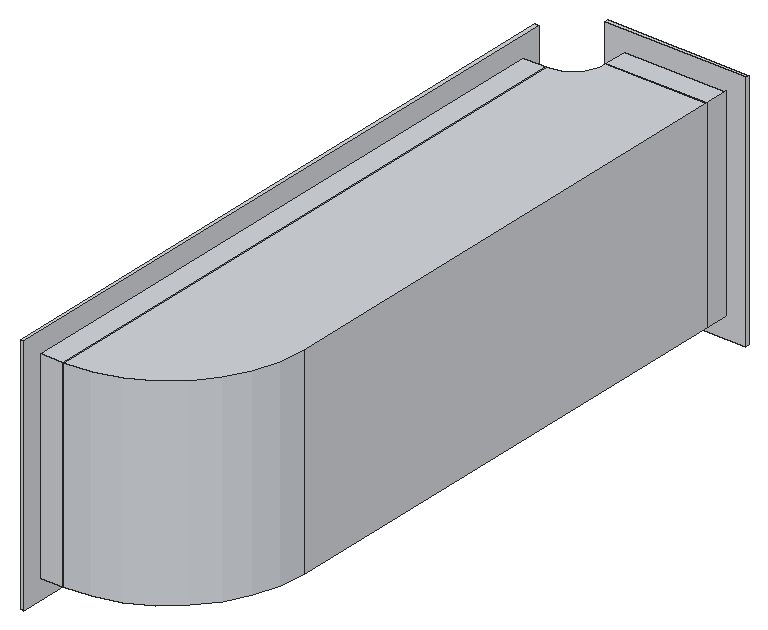
Revit family "RE Bogen asymmetrisch BA - Flansch", category Luftkanalformteile, Revit 2014
Parameters (values of type "Allgemein")
  r4 [instance] = r3 + Länge 17  # 300 mm
  r3 [instance] = if(b > d, if(Abschätzung 1 < 0 mm, r2 + 15 mm, r2), if(not(Abschätzung 2 < 0 mm), r2, r1 + d))  # 200 mm
  Profilversatz [instance] = (Höhe / 2) - Flanschverlängerung  # 120 mm
  Alpha 4 [instance] = if(Abschätzung 1 > 0 mm, alpha, acos(Länge 18 / Länge 16))  # 90.00°
  Alpha 3 [instance] = if(not(Abschätzung 2 < 0 mm), alpha, asin((r1 + b) / (r1 + d)))  # 90.00°
  r2 [instance] = if((Abschätzung 2 < 0 mm), 5 mm, Länge 22 / tan(alpha 2 / 2))  # 200 mm
  r1 [instance] = if(r = 0 mm, if(0.9 * Max. abcd - 107.1 mm < 0.8 mm, 0.8 mm, 0.9 * Max. abcd - 107.1 mm), r)  # 50 mm
  r [instance] = 50 mm
  f2 [instance] = 35 mm  # constant formula
  f1 [instance] = if(f = 0 mm, f2, f)  # 35 mm
  f [instance] = 0 mm
  e2 [instance] = 35 mm  # constant formula
  e1 [instance] = if(e = 0 mm, e2, e)  # 35 mm
  e [instance] = 0 mm
  Max. bd [instance] = if(b > d, b, d)  # 900 mm
  Länge 19 [instance] = if(Abschätzung 1 > 0 mm, Länge 18, 20 mm)  # 200 mm
  Länge 18 [instance] = (r1 + d) * sin(alpha)  # 200 mm
  d [instance] = 150 mm
  c [instance] = a  # 300 mm
  b [instance] = 900 mm
  Länge21 [instance] = if(alpha = 90.00°, 0 mm, if(and(Abschätzung 1 > 0 mm, Abschätzung 2 > 0 mm), ((r1 + b) - (r1 + d) * cos(alpha 2)) / tan(alpha 2), 10 mm))  # 0 mm
  Länge 20 [instance] = if(alpha = 90.00°, 0 mm, ((r1 + b) - (r1 + d) * cos(alpha)) / tan(alpha))  # 0 mm
  alpha 2 [instance] = if(b > d, Alpha 4, Alpha 3)  # 90.00°
  alpha 1 [instance] = 180.00° - alpha 2  # 90.00°
  alpha [instance] = 90.00°
  a [instance] = 300 mm
  Breite 2 [instance] = 100 mm  # constant formula
  Breite 1 [instance] = b halb + Breite 2 + Max. bd  # 1450 mm
  Sichtbarkeit 2 [instance] = if(Länge 7 > Länge 2, 1 > 0, Länge 1 + f1 < 10000 mm)  # no
  Sichtbarkeit 1 [instance] = if(Länge 7 > Länge 2, 0 > 1, or(Länge 1 + f1 > 10000 mm + 0.8 mm, Länge 1 + f1 = 10000 mm + 0.8 mm))  # yes
  Länge 23 [instance] = if(b > d, if(Abschätzung 1 > 0 mm, Länge 22 / tan(alpha 2 / 2), Länge 22 / tan(alpha 2 / 2) + 15 mm), if(Abschätzung 2 < 0 mm, 5 mm, Länge 22 / tan(alpha 2 / 2)))  # 200 mm
  Länge 22 [instance] = if(alpha = 90.00°, r1 + Länge 24, if(b > d, abs(Länge 19 - Länge21), if(not(Abschätzung 2 > 0 mm), (r1 + b) * sin(alpha), Länge21 / cos(alpha 2))))  # 200 mm
  Länge 24 [instance] = if(b > d, d, b)  # 150 mm
  Max. cd [instance] = if(d > c, d, c)  # 300 mm
  Max. abcd [instance] = if(Max. ab > Max. cd, Max. ab, Max. cd)  # 900 mm
  Max. ab [instance] = if(b > a, b, a)  # 900 mm
  Länge 9 [instance] = if(Länge 1 - 10000 mm + f1 < 0.8 mm, 2 mm, Länge 1 - 10000 mm + f1)  # 160 mm
  Länge 8 [instance] = sqrt((10000 mm - Länge 6) ^ 2 + (Länge 2 - Länge 7) ^ 2)  # 500 mm
  Länge 7 [instance] = Länge 3 * cos(alpha)  # 0 mm
  Länge 6 [instance] = -Länge 3 * sin(alpha) + Länge 1  # 10000 mm
  Länge 5 [instance] = (b - d) / 2  # 375 mm
  Länge 4 [instance] = Länge 2 * tan(alpha / 2)  # 500 mm
  Länge 3 [instance] = r1 + d / 2  # 125 mm
  Länge 15 [instance] = if((r1 + b) * cos(alpha) - (r1 + d) > 0 mm, e1, (r1 + b) * sin(alpha) + e1)  # 985 mm
  Länge 14 [instance] = if(alpha = 90.00°, r1 + d + f1, if((r1 + b) / cos(alpha) - (r1 + d) < 0 mm, f1, (r1 + b) * tan(alpha) + f1))  # 235 mm
  Länge 17 [instance] = 100 mm  # constant formula
  Länge 16 [instance] = sqrt((r1 + b) * (r1 + b) + (r1 + d) * (r1 + d) - 2 * (r1 + b) * (r1 + d) * cos(alpha))  # 970.824 mm
  Länge 13 [instance] = Flanschstärke * sin(alpha)  # 5 mm
  Länge 12 [instance] = Flanschstärke * cos(alpha)  # 0 mm
  Länge 11 [instance] = e1 * sin(alpha)  # 35 mm
  Länge 10 [instance] = e1 * cos(alpha)  # 0 mm
  Länge 1 [instance] = -Länge 2 * cos(alpha) / sin(alpha) + Länge 3 / sin(alpha) + 10000 mm  # 10125 mm
  Länge 2 [instance] = r1 + b / 2  # 500 mm
  Abschätzung 2 [instance] = Länge 20  # 0 mm
  Abschätzung 1 [instance] = (Länge 18 - Länge 20)  # 200 mm
  Höhe [instance] = if(a > c, a, c)  # 300 mm
  b halb [instance] = b * 0.5  # 450 mm
  Flansch d [instance] = d + 2 * Flanschverlängerung  # 210 mm
  Flansch c [instance] = c + 2 * Flanschverlängerung  # 360 mm
  Flansch b [instance] = b + 2 * Flanschverlängerung  # 960 mm
  Flansch a [instance] = a + 2 * Flanschverlängerung  # 360 mm
  Flanschstärke [instance] = 5 mm
  Flanschverlängerung [instance] = 30 mm
  Assembly Code = ""
Reference planes
  plane 1 "Mitte (Vorne/Hinten)": y = 0
  plane 2: z = 0
  plane 3 "Mitte (Links/Rechts)": x = 0
  plane 4: x = -160
  plane 5: x = -125
  plane 6: y = 500
  plane 7: x = 117.528
  plane 8: x = 0
  plane 9: y = 500
  plane 10: x = 10000
  plane 11: x = 0
  plane 12: x = 0
  plane 13: y = 535
  plane 14: x = -165
  plane 15: y = 540
  plane 16: x = 0
  plane 17: y = 480
  plane 18: y = -480
  plane 19: x = 75
  plane 20: x = 75
  plane 21: x = -125
  plane 22: y = 450
  plane 23: y = -450
  plane 24: y = -250
  plane 25: z = 150
  plane 26: z = -150
Forms (mm)
  Sweep 1, solid, detail levels medium+fine
    path in 3D
      loop
        line (-125, 0, 0) -> (-160, 0, 0)
    profile "Luftkanal - rechteckig : Luftkanal - rechteckig 1" origin (-142.5, 0, 0) x (0, -1, 0) y (0, 0, 1)
      loop
        line (-450, 150) -> (-450, -150) -> (450, -150) -> (450, 150) -> (-450, 150)
  Sweep 2, solid, detail levels medium+fine
    path in 3D
      loop
        line (0, 500, 0) -> (0, 535, 0)
    profile "Luftkanal - rechteckig : Luftkanal - rechteckig 2" origin (0, 517.5, 0) x (-1, 0, 0) y (0, 0, 1)
      loop
        line (-75, 150) -> (-75, -150) -> (75, -150) -> (75, 150) -> (-75, 150)
  Sweep 3, solid, detail levels fine
    path in 3D
      loop
        line (-165, 0, 0) -> (-160, 0, 0)
    profile "Luftkanal - rechteckig : Luftkanal - Flansch 1" origin (-162.5, 0, 0) x (0, 1, 0) y (0, 0, 1)
      loop
        line (-480, 180) -> (-480, -180) -> (480, -180) -> (480, 180) -> (-480, 180)
  Sweep 4, solid, detail levels medium+fine
    path in 3D
      loop
        line (-165, 0, 0) -> (-160, 0, 0)
    profile "Luftkanal - rechteckig : Luftkanal - rechteckig 1" origin (-162.5, 0, 0) x (0, 1, 0) y (0, 0, 1)
      loop
        line (-450, 150) -> (-450, -150) -> (450, -150) -> (450, 150) -> (-450, 150)
  Sweep 5, solid, detail levels fine
    path in 3D
      loop
        line (0, 535, 0) -> (0, 540, 0)
    profile "Luftkanal - rechteckig : Luftkanal - Flansch 2" origin (0, 537.5, 0) x (-1, 0, 0) y (0, 0, 1)
      loop
        line (-105, 180) -> (-105, -180) -> (105, -180) -> (105, 180) -> (-105, 180)
  Sweep 6, solid, detail levels medium+fine
    path in 3D
      loop
        line (0, 535, 0) -> (0, 540, 0)
    profile "Luftkanal - rechteckig : Luftkanal - rechteckig 2" origin (0, 537.5, 0) x (-1, 0, 0) y (0, 0, 1)
      loop
        line (-75, 150) -> (-75, -150) -> (75, -150) -> (75, 150) -> (-75, 150)
  Sweep 7, void
    path in 3D
      loop
        line (105, 535, 0) -> (105, -450, 0)
    profile "Luftkanal - rechteckig : Luftkanal - Abzugskörper" origin (105, 42.5, 0) x (1, 0, 0) y (0, 0, 1)
      loop
        line (-30, 150) -> (-30, -150) -> (270, -150) -> (270, 150) -> (-30, 150)
  Extrusion 8, void
    sketch origin (0, 0, 0) x (1, 0, 0) y (0, 1, 0)
      loop
        line (-160, -450) -> (-160, -1450) -> (75, -1450) -> (75, -450) -> (-160, -450)
    from -150 to 150
  Extrusion 9, solid, detail levels medium+fine
    sketch origin (0, 0, 0) x (1, 0, 0) y (0, 1, 0)
      loop
        arc (-125, -450) -> (16.421, -391.421) -> (75, -250) r 200
        line (75, -250) -> (-125, -250) -> (-125, -450)
    from -150 to 150
  Extrusion 10, void
    sketch origin (0, 0, 0) x (1, 0, 0) y (0, 1, 0)
      loop
        line (-125, 500) -> (-125, 450)
        arc (-125, 450) -> (-89.645, 464.645) -> (-75, 500) r 50
        line (-75, 500) -> (-125, 500)
    from -150 to 150
  Extrusion 11, void
    sketch origin (0, 0, 0) x (1, 0, 0) y (0, 1, 0)
      loop
        line (-125, -450) -> (-125, -550)
        arc (-125, -550) -> (87.132, -462.132) -> (175, -250) r 300
        line (175, -250) -> (75, -250)
        arc (75, -250) -> (16.421, -391.421) -> (-125, -450) r 200
    from -150 to 150
  SweptBlend 12, solid, detail levels medium+fine
    path in 3D
      loop
        arc (-125, 0, 0) -> (228.553, 146.447, 0) -> (375, 500, 0) r 500
    profile "Luftkanal - rechteckig : Luftkanal - rechteckig 1" origin (-125, 0, 0) x (0, 1, 0) y (0, 0, 1)
      loop
        line (-450, 150) -> (-450, -150) -> (450, -150) -> (450, 150) -> (-450, 150)
    end profile "Luftkanal - rechteckig : Luftkanal - rechteckig 2" origin (375, 500, 0) x (-1, 0, 0) y (0, 0, 1)
      loop
        line (300, 150) -> (300, -150) -> (450, -150) -> (450, 150) -> (300, 150)
Cuts and joins
  joined: Sweep 1, Sweep 4
  joined: Sweep 2, Sweep 6
  Sweep 7, Extrusion 10 cuts Extrusion 9
  Sweep 7, Extrusion 8, Extrusion 11 cuts SweptBlend 12
  joined: Extrusion 9, SweptBlend 12
Lines and regions (mm)
  reference lines
    curve 1: arc (-125, 0, 0) -> (228.553, 146.447, 0) -> (375, 500, 0) r 500
    curve 2: line (-125, 0, 0) -> (-160, 0, 0)
    curve 4: line (0, 500, 0) -> (0, 535, 0)
    curve 6: line (0, 500, 0) -> (0, 380, 0)
    curve 7: line (0, 500, 0) -> (-130, 500, 0)
    curve 8: line (0, 535, 0) -> (-95, 535, 0)
    curve 9: line (-260.979, 0, 0) -> (274.021, 0, 0)
    curve 12: line (-165, 0, 0) -> (-160, 0, 0)
    curve 15: line (0, 535, 0) -> (0, 540, 0)
    curve 18: line (0, 540, 0) -> (-75, 540, 0)
    curve 19: line (-105, 602.802, 0) -> (-105, 462.802, 0)
    curve 20: line (105, 535, 0) -> (105, -450, 0)
  sketch lines
    curve 3: line (-125, 0, 0) -> (-160, 0, 0)
    curve 5: line (0, 500, 0) -> (0, 535, 0)
    curve 13: line (-165, 0, 0) -> (-160, 0, 0)
    curve 14: line (-165, 0, 0) -> (-160, 0, 0)
    curve 16: line (0, 535, 0) -> (0, 540, 0)
    curve 17: line (0, 535, 0) -> (0, 540, 0)
    curve 26: line (105, 535, 0) -> (105, -450, 0)
    curve 27: arc (-125, 0, 0) -> (228.553, 146.447, 0) -> (375, 500, 0) r 500
  model lines, visible <- "Sichtbarkeit 1", detail levels coarse
    curve 10: line (-160, 0, 0) -> (0, 0, 0)
    curve 11: line (0, 535, 0) -> (0, 0, 0)
    curve 21: line (0, 535, 0) -> (0, 540, 0)
    curve 23: line (-165, 0, 0) -> (-160, 0, 0)
  model lines, detail levels coarse
    curve 22: line (105, 540, 0) -> (-105, 540, 0)
    curve 25: line (-165, 480, 0) -> (-165, -480, 0)
  model lines, visible <- "Sichtbarkeit 2", detail levels coarse
    curve 24: line (0, 540, 0) -> (-165, 0, 0)
Dimensions and locks
  "Länge 2": plane 6 to plane 1 "Mitte (Vorne/Hinten)"
  "f1": plane 4 to plane 5
  "Länge 7": plane 6 to plane 9
  locked: plane 3 "Mitte (Links/Rechts)" to plane 10 at 10000
  "Länge 1": plane 5 to plane 10
  "Länge 6": plane 8 to plane 10
  "e1": curve 4 to curve 4
  "Länge 8": curve 9 to curve 7
  "Länge 9": plane 4 to plane 11
  "Länge 10": plane 8 to plane 12
  "Länge 11": plane 13 to plane 9
  "Flanschstärke": plane 14 to plane 4
  "Flanschstärke": curve 15 to curve 15
  equal spacing: curve 19, curve 15, curve 20
  "Flansch d": curve 19 to curve 20
  "Länge 13": plane 15 to plane 13
  "Länge 12": plane 12 to plane 16
  equal spacing: plane 17, plane 1 "Mitte (Vorne/Hinten)", plane 18
  "Flansch b": plane 18 to plane 17
  "Länge 15": curve 20 to curve 20
  "b halb": Extrusion 8 sketch curve to plane 1 "Mitte (Vorne/Hinten)"
  "Breite 1": plane 1 "Mitte (Vorne/Hinten)" to Extrusion 8 sketch curve
  "Länge 14": plane 4 to Extrusion 8 sketch curve
  equal spacing: Extrusion 8, plane 2, Extrusion 8
  "Höhe": Extrusion 8 to Extrusion 8
  "Länge 19": plane 5 to plane 19
  "Länge21": plane 20 to plane 19
  "Länge 22": plane 21 to plane 20
  equal spacing: plane 22, plane 1 "Mitte (Vorne/Hinten)", plane 23
  "b": plane 22 to plane 23
  "Länge 23": plane 24 to plane 23
  equal spacing: plane 25, plane 2, plane 26
  "c": plane 25 to plane 26
  "r2": Extrusion 9 sketch curve to Extrusion 9 sketch curve  (x2)
  "r1": Extrusion 10 sketch curve to Extrusion 10 sketch curve  (x2)
  "Länge 17": Extrusion 11 sketch curve to Extrusion 11 sketch curve
  "r2": radius of Extrusion 9 sketch curve
  "r1": radius of Extrusion 10 sketch curve
  "r3": radius of Extrusion 11 sketch curve
  "r4": radius of Extrusion 11 sketch curve
  "alpha": angle curve 1 to curve 1
  "alpha": angle plane 9 to curve 4
  locked: curve 4 to curve 6 (angle 180.00°)
  locked: curve 4 to curve 7 (angle 90.00°)
  locked: curve 8 to curve 4 (angle 90.00°)
  locked: curve 6 to curve 9 (angle 90.00°)
  "alpha": angle plane 13 to curve 15
  locked: curve 18 to curve 15 (angle 90.00°)
  locked: curve 18 to curve 19 (angle 90.00°)
  locked: curve 20 to curve 18 (angle 90.00°)
  "alpha 2": angle plane 21 to Extrusion 9 sketch curve
  "alpha 2": angle Extrusion 9 sketch curve to Extrusion 9 sketch curve
  angle curve 7 to plane 21 = 90.00°
  "alpha": angle plane 21 to Extrusion 10 sketch curve
  "alpha": angle Extrusion 10 sketch curve to Extrusion 10 sketch curve
  "alpha 2": angle Extrusion 11 sketch curve to Extrusion 11 sketch curve  (x2)
  aligned and locked: level to plane 2
  aligned and locked: plane 6 to curve 1
  aligned and locked: plane 5 to curve 1
  aligned and locked: plane 5 to curve 2
  aligned and locked: plane 4 to curve 2
  aligned and locked: curve 2 to plane 1 "Mitte (Vorne/Hinten)"
  aligned and locked: plane 9 to curve 4
  aligned and locked: plane 8 to curve 4
  aligned and locked: plane 9 to curve 7
  aligned and locked: plane 8 to curve 7
  aligned and locked: curve 10 to curve 2
  aligned and locked: plane 11 to curve 10
  aligned and locked: curve 9 to curve 11
  aligned and locked: plane 14 to curve 12
  aligned and locked: plane 4 to curve 12
  aligned and locked: plane 1 "Mitte (Vorne/Hinten)" to curve 12
  aligned and locked: plane 13 to curve 15
  aligned and locked: plane 12 to curve 15
  aligned and locked: curve 15 to curve 21
  aligned and locked: plane 13 to curve 21
  aligned and locked: curve 22 to curve 18
  aligned and locked: curve 19 to curve 22
  aligned and locked: curve 22 to curve 20
  aligned and locked: plane 1 "Mitte (Vorne/Hinten)" to curve 23
  aligned and locked: plane 14 to curve 23
  aligned and locked: plane 4 to curve 23
  aligned and locked: plane 1 "Mitte (Vorne/Hinten)" to curve 24
  aligned and locked: plane 14 to curve 24
  aligned and locked: plane 15 to curve 24
  aligned and locked: plane 16 to curve 24
  aligned and locked: plane 17 to curve 25
  aligned and locked: curve 25 to plane 18
  aligned and locked: curve 25 to plane 14
  aligned and locked: curve 20 to Sweep 5
  aligned and locked: Extrusion 8 sketch curve to plane 4
  aligned and locked: plane 25 to cut or joined group of Sweep 7, Extrusion 8, Extrusion 9, Extrusion 10, Extrusion 11, SweptBlend 12
  aligned and locked: cut or joined group of Sweep 7, Extrusion 8, Extrusion 9, Extrusion 10, Extrusion 11, SweptBlend 12 to plane 26
  aligned and locked: plane 24 to Extrusion 9 sketch curve  (x2)
  aligned and locked: plane 21 to Extrusion 9 sketch curve
  aligned and locked: Extrusion 9 sketch curve to plane 21
  aligned and locked: Extrusion 10 to plane 26
  aligned and locked: plane 25 to Extrusion 10
  aligned and locked: plane 21 to Extrusion 10 sketch curve
  aligned and locked: plane 6 to Extrusion 10 sketch curve  (x2)
  aligned and locked: Extrusion 10 sketch curve to plane 21
  aligned and locked: plane 21 to Extrusion 11 sketch curve  (x2)
  aligned and locked: plane 24 to Extrusion 11 sketch curve  (x2)
  aligned and locked: Extrusion 11 sketch curve to plane 21
  aligned and locked: Extrusion 11 to plane 26
  aligned and locked: plane 25 to Extrusion 11
Automatic sketch dimensions
  curve 4 to curve 20 = 0 mm
  curve 19 to curve 4 = 37.198 mm
  curve 4 to curve 9 = 274.021 mm
Connectors
  hvac at (-165, 0, 0), driven by "a", driven by "b", driven by "alpha"
    settings: on cut or joined group of Sweep 1, Sweep 4, index 1, duct flow 0.0 L/s, flow factor 0, pres drop 0.0 Pa, loss coef 0, conn angle 90.00°, conn width 900 mm, conn height 300 mm, conn diameter 609.6 mm, duct sys type 28, conn prof type 1, flow config 0, flow direction 0, loss method 0, conn ref index 2, conn util no, is conn primary yes, conn desc ""
  hvac at (0, 540, 0), driven by "a", driven by "d", driven by "alpha"
    settings: on cut or joined group of Sweep 2, Sweep 6, index 2, duct flow 0.0 L/s, flow factor 0, pres drop 0.0 Pa, loss coef 0, conn angle 90.00°, conn width 150 mm, conn height 300 mm, conn diameter 609.6 mm, duct sys type 28, conn prof type 1, flow config 0, flow direction 0, loss method 0, conn ref index 1, conn util no, is conn primary no, conn desc ""
